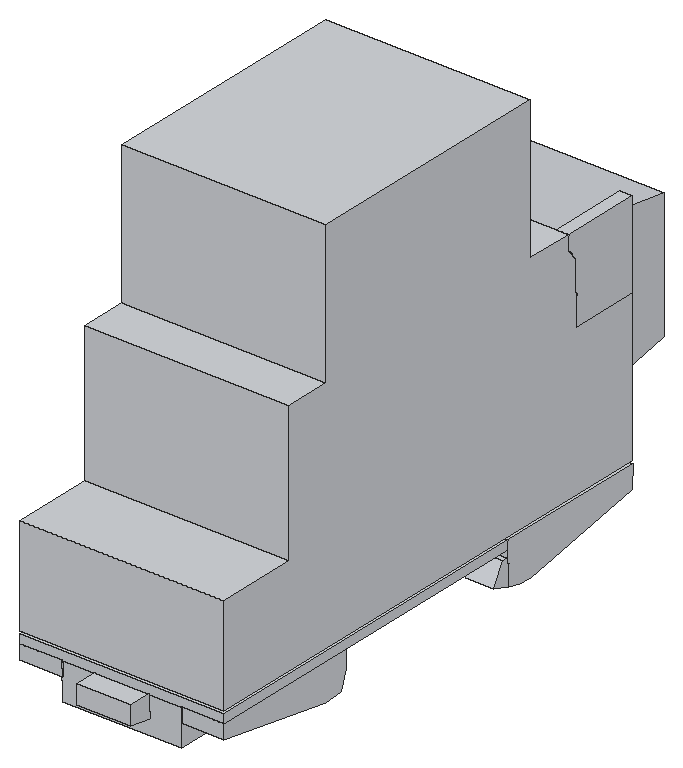
Revit family "Gira_543700", category Electrical Fixtures, host Face, Revit 2017
Family settings
  Host = Face
  Maintain Annotation Orientation = No
  Round Connector Dimension = Use Diameter
  Part Type = Normal
  Cut with Voids When Loaded = No
  Shared = No
  Room Calculation Point = No
Parameters (values of type "WL blind act. 1-g DRA Gira eNet")
  With switch function = no
  With label area = no
  URL = "https://www.gira.de/"
  Type of voltage (input voltage) = ""
  Type of load = ""
  Type of fastening = ""
  Type Comments = ""
  Transparent = no
  Surface protection = ""
  Surface finishing = ""
  Suitable for degree of protection (IP) = ""
  Suitable for C-load = no
  Serial dimmer = no
  Radio frequent bidirectional = no
  Power boost suitable = no
  Parallel-service possible = no
  Output power [Voltampere] = ""
  Number of outputs = 0
  Number of inputs = 1
  Number of binary inputs = 0
  Nominal voltage [Volt] = ""
  Modulare Erweiterungsmöglichkeit = no
  Model = ""
  Method of operation = ""
  Max. switching power [Voltampere] = 1000
  Max. number of venetian-blind outputs = 1
  Max. number of switching contacts = 0
  Material quality = ""
  Material = ""
  Manufacturer = "Gira"
  Local operation/hand operation = no
  Light value memory = no
  Keynote = ""
  Input voltage [Volt] = ""
  HeinzeBIM = "https://www.heinze.de/bim/wl-blind-act-1-g-dra-gira-enet/19f2b6595787a346dbc975ec627ee395b6337b03"
  Halogen free = no
  HAN = "543700"
  GTIN = "4010337774297"
  Frequency [Hz] = ""
  Dimming phase cut-on = no
  Dimming phase cut-off = no
  Verschiedene Phasen anschließbar = no
  Description = "WL blind act.1g DRA eNet eNet wireless blind actuator, 1-gang,DRA Features: Can be set with eNet server:: - Fully encrypted wireless transmission (AES CCM) from eNet Server software version 2.0. - Operation locks. - Device software update. - The eNet wireless blind actuator receives telegrams for controlling electrically-operated hangings, e.g. blinds, shutters, or awnings, from the eNet wireless reception module or eNet server via a data cable. - Positioning of blind and slat using scene call-up. - Positions for sun protection and twilight can be saved. - Threshold value scenes for sun protection, twilight and wind alarms. - Status feedback to eNet wireless transmitter. - Hanging period can be saved. - Slat adjustment time can be saved. Can be set with eNet server:: - Adjustment time when changing directions. - Motion direction can be inverted (e.g. for roof windows). - Position for sun protection, twilight, lock-out protection, and wind alarms.,Notes : - An eNet wireless reception module or an eNet server is required to operate this DIN-rail mounting device."
  Default Elevation = 1219.2 mm
  Cost = 0
  Anschlussart = ""
  Colour = ""
  Bus connection included = no
  BIMSITE_PRODUCT_ID = "19f2b6595787a346dbc975ec627ee395b6337b03"
  BIM = "https://media.live.bim.site/t/eyJhbGciOiJIUzI1NiIsInR5cCI6IkpXVCJ9.eyJjdCI6MSwidGYiOiJwdWJsaWMvZ2lyYS8wOWY1ZGI1L0dpcmEgWDEgUkVHIEtOWC5yZmEiLCJjaWQiOiJmZWQ5OGU5YS0xYmQ4LTRjNjgtYTczYi03NGE5NGUzMTU4MjMiLCJyaWQiOiJiZDRkMjQ5ZDMwOTE2MDBhM2Y0OTI0ZmIyYmUxZjM0YyIsInBpZCI6IjE5ZjJiNjU5NTc4N2EzNDZkYmM5NzVlYzYyN2VlMzk1YjYzMzdiMDMiLCJzaWQiOiI2MzQ3MCIsInV0Ijo1LCJsYyI6ImVuIiwiaWF0IjoxNjA3NDQyMjU4LCJpc3MiOiJodHRwczovL2FwaS5saXZlLmJpbS5zaXRlIiwic3ViIjoiOGQzYWE1Y2ItZTA2Ni00NTk4LWJlMTYtNmUxNmVlNzQ5NTZhIn0.d02dDz7wofkiyTlyWrIpMAAxW0TroN6fkXQQrVWfaWc/Gira X1 REG KNX.rfa"
  Zusammenstellung = ""
  Assembly Code = ""
  Applicable with transmission button = no
  Applicable with time switch/timer = no
  Applicable with presence indicator = no
  Applicable with movement sensor = no
  Applicable with infrared button = no
  Applicable with button = no
  App control via Bluetooth = no
Reference planes
  plane 1 "Center (Front/Back)": y = 0
  plane 2: z = 0
  plane 3 "Center (Left/Right)": x = 0
Forms (mm)
  Extrusion 1, solid, detail levels fine
    sketch origin (0, -0.2, 0) x (0, 1, 0) y (0, 0, 1)
      loop
        line (22.65, 43.82) -> (22.65, 68.77) -> (-22.25, 68.77) -> (-22.25, 43.82) -> (-30.4, 43.82) -> (-30.4, 19.42) -> (-44.8, 19.42) -> (-44.8, 1.97) -> (45.192, 1.97) -> (45.192, 28.47) -> (32.925, 28.47) -> (32.831, 39.259) -> (31.225, 41.242) -> (31.225, 43.82) -> (22.65, 43.82)
    from -17.95 to 17.95
  Extrusion 2, solid, detail levels fine
    sketch origin (0, -0.2, 0) x (0, 1, 0) y (0, 0, 1)
      loop
        line (45.192, 43.82) -> (31.225, 43.82) -> (31.225, 41.242) -> (32.831, 39.259) -> (32.925, 28.47) -> (45.192, 28.47) -> (45.192, 43.82)
    from -17.95 to -15.8
  Extrusion 3, solid, detail levels fine
    sketch origin (0, -0.2, 0) x (0, 1, 0) y (0, 0, -1)
      loop
        line (45.192, -43.82) -> (45.192, -28.47) -> (32.925, -28.47) -> (32.831, -39.259) -> (31.225, -41.242) -> (31.225, -43.82) -> (45.192, -43.82)
    from -17.95 to -15.8
  Extrusion 4, solid, detail levels fine
    sketch origin (0, -0.2, 0) x (0, 1, 0) y (0, 0, 1)
      loop
        line (31.5, 42.848) -> (31.5, 40.412)
        arc (31.5, 40.412) -> (38.359, 39.512) -> (45.192, 38.435) r 267
        line (45.192, 38.435) -> (45.192, 14.255)
        arc (45.192, 14.255) -> (50.205, 15.189) -> (55.2, 16.219) r 264.9
        line (55.2, 16.219) -> (55.2, 38.933)
        arc (55.2, 38.933) -> (43.394, 41.159) -> (31.5, 42.848) r 265
    from -15.506 to 15.5
  Extrusion 5, solid, detail levels fine
    sketch origin (0, -0.2, 0) x (0, 1, 0) y (0, 0, 1)
      loop
        line (45.2, 1.5) -> (17.774, 1.5) -> (17.905, -6.017)
        arc (17.905, -6.017) -> (20.285, -6.454) -> (22.7, -6.6) r 20
        arc (22.7, -6.6) -> (33.985, -5.009) -> (45.128, -2.618) r 160
        line (45.128, -2.618) -> (45.2, 1.5)
    from -17.95 to 18
  Extrusion 6, solid, detail levels fine
    sketch origin (0, -0.2, 0) x (0, 1, 0) y (0, 0, 1)
      loop
        line (17.905, -6.017) -> (17.824, -1.4) -> (16.8, -1.4) -> (14.749, -4.952)
        arc (14.749, -4.952) -> (16.305, -5.55) -> (17.905, -6.017) r 20
    from -17.95 to -13
  Extrusion 7, solid, detail levels fine
    sketch origin (0, -0.2, 0) x (0, 1, 0) y (0, 0, -1)
      loop
        arc (17.905, 6.017) -> (16.305, 5.55) -> (14.749, 4.952) r 20
        line (14.749, 4.952) -> (16.8, 1.4) -> (17.824, 1.4) -> (17.905, 6.017)
    from -17.95 to -13
  Extrusion 8, solid, detail levels fine
    sketch origin (0, -0.2, 0) x (0, 1, 0) y (0, 0, 1)
      loop
        line (17.8, 0) -> (17.774, 1.5) -> (-44.8, 1.5) -> (-44.774, 0) -> (17.8, 0)
    from -17.95 to 17.95
  Extrusion 9, solid, detail levels fine
    sketch origin (0, 0, 0) x (0, 1, 0) y (0, 0, 1)
      loop
        line (-48.916, -3.317) -> (-44.906, -3.881) -> (-44.974, 0) -> (-48.916, 0) -> (-48.916, -3.317)
    from -4.803 to 4.797
  Extrusion 10, solid, detail levels fine
    sketch origin (0, 0, 0) x (0, 1, 0) y (0, 0, 1)
      loop
        arc (-22.5, -6.6) -> (-20.811, -6.529) -> (-19.134, -6.315) r 20
        line (-19.134, -6.315) -> (-18.029, -3.279) -> (-18, 0) -> (-44.974, 0) -> (-44.928, -2.618)
        arc (-44.928, -2.618) -> (-33.785, -5.009) -> (-22.5, -6.6) r 160
    from -17.95 to -10.5
  Extrusion 11, solid, detail levels fine
    sketch origin (0, 0, 0) x (0, 1, 0) y (0, 0, -1)
      loop
        arc (-22.5, 6.6) -> (-33.785, 5.009) -> (-44.928, 2.618) r 160
        line (-44.928, 2.618) -> (-44.974, 0) -> (-18, 0) -> (-18.029, 3.279) -> (-19.134, 6.315)
        arc (-19.134, 6.315) -> (-20.811, 6.529) -> (-22.5, 6.6) r 20
    from -17.95 to -10.5
  Extrusion 12, solid, detail levels fine
    sketch origin (0, 0, 0) x (0, 1, 0) y (0, 0, 1)
      loop
        line (-30.708, -6.6) -> (-30.65, 0) -> (-44.974, 0) -> (-44.859, -6.6) -> (-30.708, -6.6)
    from -10.5 to 10.5
  Extrusion 13, solid, detail levels fine
    sketch origin (0, 0, 0) x (1, 0, 0) y (0, 1, 0)
      loop
        circle (-0.003, -20.023) r 1
    from -7.682 to 0
  Extrusion 14, solid, detail levels fine
    sketch origin (0, 0, 0) x (0, 1, 0) y (0, 0, 1)
      loop
        line (-17.523, -0.8) -> (-17.523, 0) -> (-30.65, 0) -> (-30.684, -3.9) -> (-27.106, -3.9) -> (-27.106, -5.6) -> (-19.623, -6.6) -> (-18.03, -6.6) -> (-15.023, -2.682) -> (-15.023, -1.517) -> (-17.523, -0.8)
    from -4.503 to 4.5
  Extrusion 15, solid, detail levels fine
    sketch origin (0, 0, 0) x (1, 0, 0) y (0, 1, 0)
      loop
        line (16.859, 43.848) -> (-16.859, 43.848) -> (-16.859, -43.859) -> (16.859, -43.859) -> (16.859, 43.848)
    from 1.5 to 4
  Extrusion 16, solid, detail levels medium
    sketch origin (0, 0, 0) x (0, 1, 0) y (0, 0, 1)
      loop
        line (22.45, 68.77) -> (-22.45, 68.77) -> (-22.45, 43.82) -> (-30.6, 43.82) -> (-30.6, 19.42) -> (-45, 19.42) -> (-45, 0) -> (-48.916, 0) -> (-48.916, -6.6) -> (-15.023, -6.6) -> (-15.023, 0) -> (14.549, 0) -> (14.549, -6.6) -> (44.992, -6.6) -> (44.992, 14.255)
        arc (44.992, 14.255) -> (50.005, 15.189) -> (55, 16.219) r 264.9
        line (55, 16.219) -> (55, 38.933)
        arc (55, 38.933) -> (50.005, 39.943) -> (44.992, 40.856) r 265
        line (44.992, 40.856) -> (44.992, 43.82) -> (22.45, 43.82) -> (22.45, 68.77)
    from -17.95 to 17.95
  Extrusion 17, solid, detail levels coarse
    sketch origin (0, 0, 0) x (1, 0, 0) y (0, 1, 0)
      loop
        line (-17.95, 55) -> (-17.95, -48.916) -> (17.95, -48.916) -> (17.95, 55) -> (-17.95, 55)
    from -7.682 to 68.77
Dimensions and locks
  aligned and locked: plane 2 to host face
  aligned and locked: level to host face
Connectors
  electrical at (0, -13.687, 0)
    settings: on Extrusion 8, index 1, voltage 24 V, apparent load 0 VA, apparent load phase1 0 VA, apparent load phase2 0 VA, apparent load phase3 0 VA, power factor 1, load classification "Other", number of poles 1, system type 30, power factor state 1, is connector primary yes, connector utility no, sub classification motor no, connector description ""
